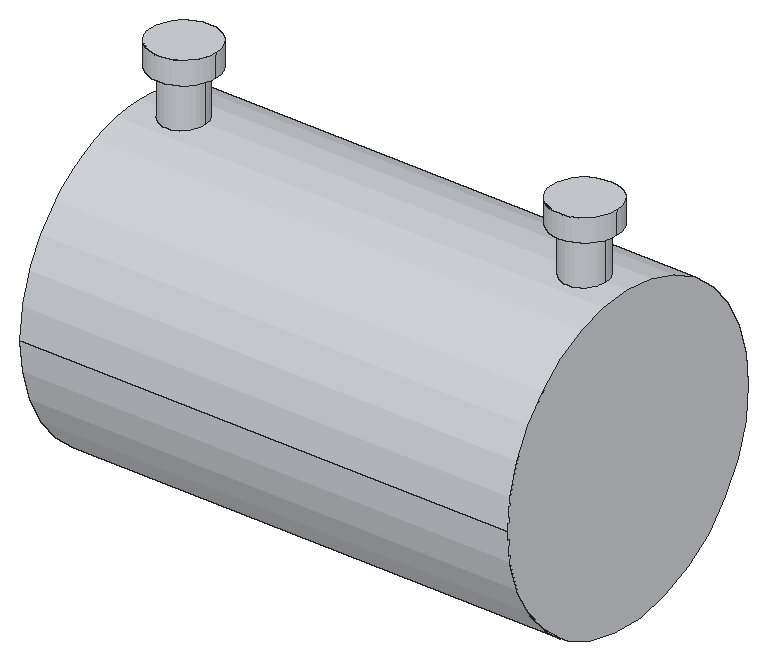
Revit family "663f7297dfc249e089975e6a9a63fb23", category Conduit Fittings, Revit 2021
Family settings
  Round Connector Dimension = Use Radius
  Part Type = Union
  OmniClass Number = 23.80.30.17.11
  OmniClass Title = Conduits
  Work Plane-Based = No
  Always vertical = Yes
  Cut with Voids When Loaded = No
  Shared = No
Parameters (values of type "Standard")
  Radius 2 [instance] = 0.75 * Length 1  # 0.10045"
  Radius 1 [instance] = 0.5 * Length 1  # 0.06696"
  Nominal Radius [instance] = 1/4"
  Nominal Diameter [instance] = Nominal Radius * 2  # 1/2"
  Length 3 [instance] = 1.3 * Fitting Outside Radius  # 39/64"
  Length 2 [instance] = 0.15 * Fitting Outside Radius  # 9/128"
  Length 1 [instance] = Fitting Outside Diameter / 7  # 0.13393"
  Fitting Outside Radius [instance] = Fitting Outside Diameter / 2  # 15/32"
  Fitting Outside Diameter [instance] = size_lookup(Conduit Size Lookup, "FOD", 1.22 * Nominal Diameter + 1/4", Nominal Diameter)  # 15/16"
  Length [instance] = size_lookup(Conduit Size Lookup, "Lgt", 1.15 * Nominal Diameter + 1 13/256", Nominal Diameter)  # 1 33/64"
  Default Elevation = 0' - 0"
  Conduit Size Lookup = "Conduit Coupling - Set Screw - Steel"
Reference planes (in)
  plane 1 "Center (Front/Back)": y = 0
  plane 2: z = 0
  plane 3 "Center (Left/Right)": x = 0
  plane 4: x = 1.51563
  plane 5: x = 0.75781
  plane 6: x = 0.13393
  plane 7: x = 1.3817
  plane 8: z = 0.60937
  plane 9: z = 0.67969
Forms (in)
  Sweep 1, solid, detail levels fine
    path in 3D
      loop
        line (0, 0, 0) -> (1.51563, 0, 0)
    profile origin (0.75781, 0, 0) x (0, 1, 0) y (0, 0, 1)
      loop
        circle (0, 0) r 0.46875
  Extrusion 2, solid, detail levels fine
    sketch origin (0, 0, 0) x (1, 0, 0) y (0, 1, 0)
      loop
        circle (0.13393, 0) r 0.06696
    from 0 to 0.60937
  Extrusion 3, solid, detail levels fine
    sketch origin (0, 0, 0) x (1, 0, 0) y (0, 1, 0)
      loop
        circle (1.3817, 0) r 0.06696
    from 0 to 0.60937
  Extrusion 4, solid, detail levels fine
    sketch origin (0, 0, 0) x (1, 0, 0) y (0, 1, 0)
      loop
        circle (0.13393, 0) r 0.10045
      loop
        circle (1.3817, 0) r 0.10045
    from 0.60937 to 0.67969
Cuts and joins
  joined: Sweep 1, Extrusion 2, Extrusion 3, Extrusion 4
Lines and regions (in)
  model lines, detail levels coarse+medium
    curve 1: line (0, 0, 0) -> (1.51563, 0, 0)
  sketch lines
    curve 2: line (0, 0, 0) -> (1.51563, 0, 0)
Dimensions and locks (in)
  "Length": plane 3 "Center (Left/Right)" to plane 4
  equal spacing: plane 3 "Center (Left/Right)", plane 5, plane 4
  "Length 1": plane 3 "Center (Left/Right)" to plane 6
  equal spacing: plane 6, plane 5, plane 7
  "Length 3": plane 8 to plane 2
  "Length 2": plane 9 to plane 8
  "Fitting Outside Radius": radius of Sweep 1 sketch curve
  "Radius 1": radius of Extrusion 2 sketch curve
  "Radius 1": radius of Extrusion 3 sketch curve
  "Radius 2": radius of Extrusion 4 sketch curve  (x2)
  aligned and locked: plane 3 "Center (Left/Right)" to curve 1
  aligned and locked: plane 4 to curve 1
  aligned and locked: plane 1 "Center (Front/Back)" to curve 1
  aligned and locked: plane 1 "Center (Front/Back)" to Sweep 1 sketch curve
  aligned and locked: plane 2 to Sweep 1 sketch curve
  aligned and locked: plane 1 "Center (Front/Back)" to Extrusion 2 sketch curve
  aligned and locked: plane 1 "Center (Front/Back)" to Extrusion 3 sketch curve
  aligned and locked: plane 7 to Extrusion 3 sketch curve
  aligned and locked: Extrusion 3 to plane 2
  aligned and locked: plane 8 to Extrusion 3
  aligned and locked: Extrusion 2 to plane 2
  aligned and locked: plane 8 to Extrusion 2
  aligned and locked: plane 1 "Center (Front/Back)" to Extrusion 4 sketch curve
  aligned and locked: plane 6 to Extrusion 4 sketch curve
  aligned and locked: plane 7 to Extrusion 4 sketch curve
  aligned and locked: Extrusion 4 to plane 8
  aligned and locked: plane 9 to Extrusion 4
Automatic sketch dimensions
  Extrusion 2 sketch curve to plane 6 = 0' - 0"
  plane 1 "Center (Front/Back)" to Extrusion 4 sketch curve = 0' - 0"
Connectors (in)
  cabletrayconduit at (0, 0, 0), diameter 0.5, driven by "Nominal Radius"
    settings: on cut or joined group of Sweep 1, Extrusion 2, Extrusion 3, Extrusion 4, index 1, connector width 1' - 0", connector height 1' - 0", connector angle 0.00°, system type 32, placement type 0, profile type 0, connector reference index 2, is primary connector yes, connector utility param no, connector description ""
  cabletrayconduit at (1.51563, 0, 0), diameter 0.5, driven by "Nominal Radius"
    settings: on cut or joined group of Sweep 1, Extrusion 2, Extrusion 3, Extrusion 4, index 2, connector width 1' - 0", connector height 1' - 0", connector angle 0.00°, system type 32, placement type 0, profile type 0, connector reference index 1, is primary connector no, connector utility param no, connector description ""
